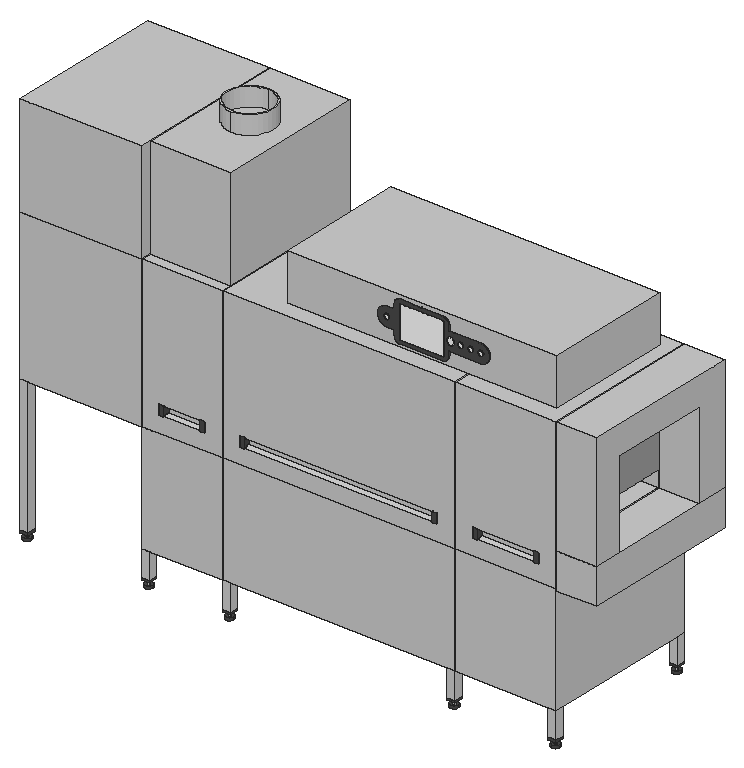
Revit family "QF_COMENDA_AC2EP5", category Attrezzature speciali, Revit 2017
Family settings
  Quota connettore circolare = Usa diametro
  Tipo di parte = Normale
  Basato su piano di lavoro = No
  Sempre verticale = Sì
  Taglio con vuoti quando caricato = No
  Condiviso = No
  Punto di calcolo locali = No
Parameters
  URL catalogo = "https://www.comenda.eu/site/assets/files/2458/ac2e.pdf"
  URL = "https://www.comenda.eu/"
  Tipo di raccordo elettrico = "Three-phase neutral"
  Tensione = 400 V
  Temperatura raccomandata per acqua fredda  = 12 °C
  Temperatura raccomandata per acqua calda  = 55 °C
  Temperatura dell'aria evacuata = 35 °C
  Protezione contro le sovracorrenti = 125 A
  Profondità = 790 mm
  Produttore = "Comenda"
  Pressione minima acqua calda = 2.0 bar
  Potenza in CV = "4603.7"
  Potenza elettrica = 33860 W
  Portata di evacuazione = 480.0 m³/h
  Phase = 3
  Pessione minima acqua fredda = 2.0 bar
  Peso netto = 320.00 kg
  Omniclass numero e denominazione = "23.40.40.14 Food Service Equipment"
  Numero dei poli = 3
  Modello = "AC2EP6N"
  Lunghezza = 2850 mm
  Frequenza = 50 Hz
  Flusso acqua fredda = 4.5 L/min
  Diametro raccordo acqua calda = 19.1 mm
  Diametro dello scarico diretto di acqua = 100 mm
  Diametro condotto di evacuazione = 230 mm
  Diametro condotta acqua fredda = 19.1 mm
  Descrizione = "600 mm PREWASH ZONE, 1150 mm WASH ZONE, 400 mm DOUBLE RINSE ZONE, 800 mm DRYING ZONE WITH INTEGRATED HEAT RECOVERY UNIT"
  Corrente di funzionamento normale = 56.2 A
  Codice assieme = "60BE03440"
  Altezza connessione scarico diretto = 170 mm
  Altezza connessione elettrica = 1615 mm
  Altezza connessione acqua fredda = 234 mm
  Altezza connessione acqua calda = 234 mm
  Altezza = 2040 mm
Reference planes
  plane 1 "Centro (Fronte/Retro)": y = 0
  plane 2: z = 0
  plane 3 "Centro (Sinistra/Destra)": x = 0
Lines and regions (mm)
  symbolic lines, style "QF_Clearance", detail levels coarse+medium
    curve 1: line (0, 100, 0) -> (-2850, 100, 0)
  symbolic lines, style "QF_Clearance", detail levels coarse
    curve 2: line (0, -1330, 0) -> (-2850, -1330, 0)
    curve 3: line (-1093.025, -265.203, 0) -> (-1253.025, -265.203, 0)
    curve 4: line (-1253.025, -265.203, 0) -> (-1253.025, -225.203, 0)
    curve 5: line (-1093.025, -345.203, 0) -> (-1253.025, -345.203, 0)
    curve 6: line (-1253.025, -345.203, 0) -> (-1253.025, -385.203, 0)
    curve 7: line (-1253.025, -225.203, 0) -> (-1348.365, -305.203, 0)
    curve 8: line (-1253.025, -385.203, 0) -> (-1348.365, -305.203, 0)
    curve 9: line (-1093.025, -265.203, 0) -> (-1093.025, -345.203, 0)
Dimensions and locks
  "Altezza connessione acqua calda": nested 2 to level
  "Altezza connessione acqua fredda": nested 2 to level
  "Altezza connessione elettrica": nested 4 to level
  "Profondità": nested 2 to nested 2
  "Lunghezza": nested 6 to nested 3
  "Altezza": nested 7 to nested 2
  aligned and locked: level to plane 2
  aligned and locked: plane 3 "Centro (Sinistra/Destra)" to nested 3
  aligned and locked: plane 1 "Centro (Fronte/Retro)" to nested 3
  aligned and locked: nested 1 to plane 1 "Centro (Fronte/Retro)"
  aligned and locked: nested 2 to plane 1 "Centro (Fronte/Retro)"
  aligned and locked: nested 2 to nested 1
  aligned and locked: plane 3 "Centro (Sinistra/Destra)" to curve 1
  aligned and locked: plane 3 "Centro (Sinistra/Destra)" to curve 2
  aligned and locked: plane 1 "Centro (Fronte/Retro)" to nested 5
  aligned and locked: nested 1 to nested 5
  aligned and locked: nested 5 to nested 3
  aligned and locked: curve 1 to curve 2
  aligned and locked: nested 6 to nested 2  (x2)
  aligned and locked: nested 6 to nested 7
  aligned and locked: nested 2 to nested 7
Automatic sketch dimensions
  plane 1 "Centro (Fronte/Retro)" to curve 9 = 345.203 mm
  curve 9 to plane 3 "Centro (Sinistra/Destra)" = 1093.025 mm
  curve 6 to curve 5 = 160 mm
  plane 1 "Centro (Fronte/Retro)" to curve 7 = 225.203 mm
  curve 7 to curve 5 = 0 mm
  plane 1 "Centro (Fronte/Retro)" to curve 8 = 305.203 mm
  curve 8 to curve 3 = 95.34 mm
  curve 6 to curve 5 = 40 mm
  curve 5 to curve 3 = 80 mm
  curve 2 to curve 7 = 1501.635 mm
  plane 1 "Centro (Fronte/Retro)" to curve 2 = 1330 mm
  curve 1 to plane 1 "Centro (Fronte/Retro)" = 100 mm
Nested families
  nested 1: "QF_60-EM0-0" at (-1275, 0, 0), type "QF_604EM000D"
  nested 2: "QF_60-EM0-0" at (-2050, 0, 0), type "QF_604EM040D"
  nested 3: "QF_602EA000" at (-200, 0, 0), type "602EA010"
  nested 4: "QF_110903" at (-932.08, -64.429, 0), type "QF_110903"
  nested 5: "QF_60-EM0-0" at (-450, 0, 0), type "QF_602EM010D"
    with RIGHT WATER CONNECTION no
  nested 6: "QF_602EM040" at (-2550, 0, 0), type "QF_602EA040D"
  nested 7: "QF_602EA030" at (-2250, 0, 0), type "QF_602EA030"
Connectors
  piping at (-1275, -540, 170), diameter 100, driven by "Diametro dello scarico diretto di acqua"
    settings: on nested 1, index 1, connector inside diameter 609.6 mm, connector length 0 mm, flow factor 0, pipe flow 0.0 L/min, pressure drop 0.0 bar, fitting loss kfactor 0, connector angle 0.00°, fixture units 0, engagement length 0 mm, angle of deflection 0.00°, flow configuration 0, flow direction 2, fitting loss method 0, system type 16, joint type 0, gender type 0, connector reference index -1, connector utility 1, adjustable connector no, is connector primary yes, connector description "QF_Drain point"
  piping at (-2255, -323, 234), diameter 19.1, driven by "Diametro raccordo acqua calda", driven by "Pessione minima acqua fredda"
    settings: on nested 2, index 3, connector inside diameter 609.6 mm, connector length 0 mm, flow factor 0, pipe flow 0.0 L/min, pressure drop 2.0 bar, fitting loss kfactor 0, connector angle 0.00°, fixture units 0, engagement length 0 mm, angle of deflection 0.00°, flow configuration 0, flow direction 1, fitting loss method 4, system type 19, joint type 0, gender type 0, connector reference index -1, connector utility 0, adjustable connector no, is connector primary no, connector description "QF_Hot water inlet"
  piping at (-2255, -453, 234), diameter 19.1, driven by "Flusso acqua fredda", driven by "Pessione minima acqua fredda", driven by "Diametro condotta acqua fredda"
    settings: on nested 2, index 4, connector inside diameter 609.6 mm, connector length 0 mm, flow factor 0, pipe flow 4.5 L/min, pressure drop 2.0 bar, fitting loss kfactor 0, connector angle 0.00°, fixture units 0, engagement length 0 mm, angle of deflection 0.00°, flow configuration 0, flow direction 1, fitting loss method 4, system type 20, joint type 0, gender type 0, connector reference index -1, connector utility 0, adjustable connector no, is connector primary no, connector description "QF_Cold water inlet"
  electrical at (-367.08, -62.429, 1630), driven by "Numero dei poli", driven by "Tensione"
    settings: on nested 4, index 6, voltage 400 V, apparent load 0 VA, apparent load phase1 0 VA, apparent load phase2 0 VA, apparent load phase3 0 VA, power factor 1, load classification "Altro", number of poles 3, system type 30, power factor state 1, is connector primary yes, connector utility no, sub classification motor no, connector description "QF_Electrical connection"
  piping at (-420, -475, 160), diameter 100, driven by "Diametro dello scarico diretto di acqua"
    settings: on nested 5, index 7, connector inside diameter 609.6 mm, connector length 0 mm, flow factor 0, pipe flow 0.0 L/min, pressure drop 0.0 bar, fitting loss kfactor 0, connector angle 0.00°, fixture units 0, engagement length 0 mm, angle of deflection 0.00°, flow configuration 0, flow direction 2, fitting loss method 0, system type 16, joint type 0, gender type 0, connector reference index -1, connector utility 1, adjustable connector no, is connector primary no, connector description "QF_Drain point"
  hvac at (-2050, -370, 2040), driven by "Diametro condotto di evacuazione", driven by "Portata di evacuazione"
    settings: on nested 7, index 8, duct flow 480.0 m³/h, flow factor 0, pres drop 0.0 Pa, loss coef 0, conn angle 0.00°, conn width 304.8 mm, conn height 304.8 mm, conn diameter 230 mm, duct sys type 3, conn prof type 0, flow config 0, flow direction 2, loss method 0, conn ref index -1, conn util no, is conn primary yes, conn desc "QF_Exhaust air"
Definition of nested family "QF_60-EM0-0"
  Parameters (values of type "QF_604EM040D")
    RIGHT WATER CONNECTION = no
    RIGHT FEET = no
    LOADING HEIGHT = 880 mm
    LENGTH = 400 mm
    LEFT WATER CONNECTION = yes
    LEFT FEET = yes
    INTERFACE = no
    ELECTRICAL CONNECTION = no
    DRAIN POINT FROM THE SIDE = 200 mm
    DRAIN POINT FROM BEHIND = 475 mm
    DRAIN POINT = no
    CENTRALIZED DRAIN POINT ON THE RIGHT = no
    CENTRALIZED DRAIN POINT ON THE LEFT = no
  Types (18, lengths in mm): name | RIGHT WATER CONNECTION | RIGHT FEET | LENGTH | LEFT WATER CONNECTION | LEFT FEET | INTERFACE | ELECTRICAL CONNECTION | DRAIN POINT FROM THE SIDE | DRAIN POINT FROM BEHIND | DRAIN POINT
    QF_601EM020D | no | no | 900 | yes | yes | no | no | 450 | 475 | no
    QF_601EM020S | yes | yes | 900 | no | no | no | no | 450 | 475 | no
    QF_604EM030D | no | yes | 900 | no | no | no | no | 450 | 475 | yes
    QF_604EM030S | no | no | 900 | no | yes | no | no | 450 | 475 | yes
    QF_602EM000D | yes | yes | 1150 | no | yes | yes | yes | 575 | 540 | yes
    QF_602EM000S | yes | yes | 1150 | no | yes | yes | yes | 575 | 540 | yes
    QF_604EM000S | no | yes | 1150 | no | yes | no | no | 575 | 540 | yes
    QF_604EM000D | no | yes | 1150 | no | yes | no | no | 575 | 540 | yes
    QF_602EM010D | yes | yes | 500 | no | no | no | no | 280 | 475 | yes
    QF_602EM010S | no | no | 500 | no | yes | no | no | 280 | 475 | yes
    QF_604EM010D | no | yes | 600 | no | no | no | no | 300 | 475 | yes
    QF_604EM010S | no | no | 600 | no | yes | no | no | 300 | 475 | yes
    QF_604EM040D | no | no | 400 | yes | yes | no | no | 200 | 475 | no
    QF_604EM040S | yes | yes | 400 | no | no | no | no | 200 | 475 | no
    QF_601EM060D | no | no | 400 | no | yes | no | no | 200 | 475 | no
    QF_601EM060S | no | yes | 400 | no | no | no | no | 200 | 475 | no
    QF_601EM070D | no | no | 600 | no | yes | no | no | 300 | 475 | no
    QF_601EM070S | no | yes | 600 | no | no | no | no | 300 | 475 | no
  Reference planes
    plane 1 "Centro (Fronte/Retro)": y = 0
    plane 2: z = 0
    plane 3 "Centro (Sinistra/Destra)": x = 0
  Forms (mm)
    Extrusion 1, solid
      sketch origin (0, 0, 0) x (1, 0, 0) y (0, 1, 0)
        loop
          line (-200, 0) -> (-200, -790) -> (200, -790) -> (200, 0) -> (-200, 0)
      from 170 to 710
    Extrusion 2, solid, visible <- "LEFT FEET"
      sketch origin (0, 0, 0) x (1, 0, 0) y (0, 1, 0)
        loop
          line (-200, 0) -> (-200, -40) -> (-160, -40) -> (-160, 0) -> (-200, 0)
        loop
          line (-200, -790) -> (-160, -790) -> (-160, -750) -> (-200, -750) -> (-200, -790)
      from 40 to 170
    Extrusion 3, solid, visible <- "RIGHT FEET"
      sketch origin (0, 0, 0) x (1, 0, 0) y (0, 1, 0)
        loop
          line (200, 0) -> (160, 0) -> (160, -40) -> (200, -40) -> (200, 0)
        loop
          line (200, -790) -> (200, -750) -> (160, -750) -> (160, -790) -> (200, -790)
      from 40 to 170
    Extrusion 4, solid, visible <- "LEFT FEET", detail levels fine
      sketch origin (0, 0, 40) x (0, 1, 0) y (1, 0, 0)
        loop
          line (-790, -200) -> (-750, -200) -> (-750, -160) -> (-790, -160) -> (-790, -200)
        loop
          line (-40, -200) -> (0, -200) -> (0, -160) -> (-40, -160) -> (-40, -200)
      from 0 to 10
    Extrusion 5, solid, visible <- "RIGHT FEET", detail levels fine
      sketch origin (0, 0, 40) x (0, 1, 0) y (1, 0, 0)
        loop
          line (-790, 200) -> (-790, 160) -> (-750, 160) -> (-750, 200) -> (-790, 200)
        loop
          line (-40, 200) -> (-40, 160) -> (0, 160) -> (0, 200) -> (-40, 200)
      from 0 to 10
    Extrusion 6, solid, visible <- "LEFT FEET"
      sketch origin (0, 0, 0) x (1, 0, 0) y (0, 1, 0)
        loop
          circle (-180, -20) r 20
        loop
          circle (-180, -770) r 20
      from 0 to 10
    Extrusion 7, solid, visible <- "RIGHT FEET"
      sketch origin (0, 0, 0) x (1, 0, 0) y (0, 1, 0)
        loop
          circle (180, -20) r 20
        loop
          circle (180, -770) r 20
      from 0 to 10
    Extrusion 8, solid, visible <- "RIGHT FEET"
      sketch origin (0, 0, 0) x (1, 0, 0) y (0, 1, 0)
        loop
          circle (180, -770) r 5
        loop
          circle (180, -20) r 5
      from 0 to 30
    Extrusion 9, solid, visible <- "LEFT FEET"
      sketch origin (0, 0, 0) x (1, 0, 0) y (0, 1, 0)
        loop
          circle (-180, -20) r 5
        loop
          circle (-180, -770) r 5
      from 0 to 30
    Extrusion 10, solid
      sketch origin (0, 0, 0) x (0, 1, 0) y (0, 0, 1)
        loop
          line (0, 710) -> (0, 1450) -> (-790, 1450) -> (-790, 710) -> (0, 710)
        loop
          line (-655, 1310) -> (-655, 880) -> (-155, 880) -> (-155, 1310) -> (-655, 1310)
      from -200 to 200
    Extrusion 11, solid, visible <- "DRAIN POINT", detail levels coarse
      sketch origin (0, 0, 170) x (0, 1, 0) y (1, 0, 0)
        loop
          circle (-475, 0) r 50
      from 0 to 10
    Blend 12, void, detail levels fine
      base sketch origin (0, -790, 710) x (0, 0, -1) y (-1, 0, 0)
        loop
          line (-130, 112) -> (-130, -112) -> (-80, -112) -> (-80, 112) -> (-130, 112)
      top sketch origin (0, -790, 710) x (0, 0, -1) y (-1, 0, 0)
        loop
          line (-120, 102) -> (-120, -102) -> (-90, -102) -> (-90, 102) -> (-120, 102)
      from 0 to 25
    Blend 13, solid, detail levels fine
      base sketch origin (0, -790, 710) x (0, 0, 1) y (-1, 0, 0)
        loop
          line (80, 112) -> (80, 92)
          arc (80, 92) -> (81.464, 88.464) -> (85, 87) r 5
          line (85, 87) -> (125, 87)
          arc (125, 87) -> (128.536, 88.464) -> (130, 92) r 5
          line (130, 92) -> (130, 112) -> (80, 112)
      top sketch origin (0, -790, 710) x (0, 0, 1) y (-1, 0, 0)
        loop
          line (120, 102) -> (90, 102) -> (90, 87) -> (120, 87) -> (120, 102)
      from 0 to -25
    Blend 14, solid, detail levels fine
      base sketch origin (0, -790, 710) x (0, 0, 1) y (-1, 0, 0)
        loop
          line (80, -112) -> (130, -112) -> (130, -92)
          arc (130, -92) -> (128.536, -88.464) -> (125, -87) r 5
          line (125, -87) -> (85, -87)
          arc (85, -87) -> (81.464, -88.464) -> (80, -92) r 5
          line (80, -92) -> (80, -112)
      top sketch origin (0, -790, 710) x (0, 0, 1) y (-1, 0, 0)
        loop
          line (90, -102) -> (120, -102) -> (120, -87) -> (90, -87) -> (90, -102)
      from 0 to -25
    Extrusion 15, solid, detail levels fine
      sketch origin (200, 0, 0) x (0, 1, 0) y (0, 0, 1)
        loop
          line (-655, 1310) -> (-655, 960) -> (-607, 960) -> (-607, 1210) -> (-603, 1210) -> (-603, 960) -> (-557, 960) -> (-557, 1210) -> (-553, 1210) -> (-553, 960) -> (-507, 960) -> (-507, 1210) -> (-503, 1210) -> (-503, 960) -> (-457, 960) -> (-457, 1210) -> (-453, 1210) -> (-453, 960) -> (-407, 960) -> (-407, 1210) -> (-403, 1210) -> (-403, 960) -> (-357, 960) -> (-357, 1210) -> (-353, 1210) -> (-353, 960) -> (-307, 960) -> (-307, 1210) -> (-303, 1210) -> (-303, 960) -> (-257, 960) -> (-257, 1210) -> (-253, 1210) -> (-253, 960) -> (-207, 960) -> (-207, 1210) -> (-203, 1210) -> (-203, 960) -> (-155, 960) -> (-155, 1310) -> (-655, 1310)
      from 0 to -10
    Extrusion 16, solid, detail levels fine
      sketch origin (-200, 0, 0) x (0, -1, 0) y (0, 0, 1)
        loop
          line (155, 1310) -> (155, 960) -> (203, 960) -> (203, 1210) -> (207, 1210) -> (207, 960) -> (253, 960) -> (253, 1210) -> (257, 1210) -> (257, 960) -> (303, 960) -> (303, 1210) -> (307, 1210) -> (307, 960) -> (353, 960) -> (353, 1210) -> (357, 1210) -> (357, 960) -> (403, 960) -> (403, 1210) -> (407, 1210) -> (407, 960) -> (453, 960) -> (453, 1210) -> (457, 1210) -> (457, 960) -> (503, 960) -> (503, 1210) -> (507, 1210) -> (507, 960) -> (553, 960) -> (553, 1210) -> (557, 1210) -> (557, 960) -> (603, 960) -> (603, 1210) -> (607, 1210) -> (607, 960) -> (655, 960) -> (655, 1310) -> (155, 1310)
      from 0 to -10
    Extrusion 17, solid, visible <- "INTERFACE", detail levels fine
      sketch origin (200, -790, 0) x (-1, 0, 0) y (0, 0, -1)
        loop
          arc (280, -619.644) -> (294.142, -613.786) -> (300, -599.644) r 20
          line (300, -599.644) -> (300, -490)
          arc (300, -490) -> (294.142, -475.858) -> (280, -470) r 20
          line (280, -470) -> (70, -470)
          arc (70, -470) -> (55.858, -475.858) -> (50, -490) r 20
          line (50, -490) -> (50, -599.644)
          arc (50, -599.644) -> (55.858, -613.786) -> (70, -619.644) r 20
          line (70, -619.644) -> (280, -619.644)
        loop
          arc (280, -609.644) -> (287.071, -606.715) -> (290, -599.644) r 10
          line (290, -599.644) -> (290, -490)
          arc (290, -490) -> (287.071, -482.929) -> (280, -480) r 10
          line (280, -480) -> (70, -480)
          arc (70, -480) -> (62.929, -482.929) -> (60, -490) r 10
          line (60, -490) -> (60, -599.644)
          arc (60, -599.644) -> (62.929, -606.715) -> (70, -609.644) r 10
          line (70, -609.644) -> (280, -609.644)
      from 0 to 2
    Extrusion 18, solid, visible <- "INTERFACE", detail levels fine
      sketch origin (200, -790, 0) x (-1, 0, 0) y (0, 0, -1)
        loop
          arc (280, -609.644) -> (287.071, -606.715) -> (290, -599.644) r 10
          line (290, -599.644) -> (290, -490)
          arc (290, -490) -> (287.071, -482.929) -> (280, -480) r 10
          line (280, -480) -> (70, -480)
          arc (70, -480) -> (62.929, -482.929) -> (60, -490) r 10
          line (60, -490) -> (60, -599.644)
          arc (60, -599.644) -> (62.929, -606.715) -> (70, -609.644) r 10
          line (70, -609.644) -> (280, -609.644)
      from 0 to 2
    Extrusion 19, solid, visible <- "RIGHT WATER CONNECTION"
      sketch origin (200, 0, 0) x (0, -1, 0) y (0, 0, -1)
        loop
          circle (323, -234) r 9.55
        loop
          circle (453, -234) r 9.55
      from 0 to 5
    Extrusion 20, solid, visible <- "LEFT WATER CONNECTION"
      sketch origin (-200, -790, 0) x (0, 1, 0) y (0, 0, -1)
        loop
          circle (467, -234) r 9.55
        loop
          circle (337, -234) r 9.55
      from 0 to 5
    Extrusion 21, solid, visible <- "CENTRALIZED DRAIN POINT ON THE LEFT", detail levels coarse
      sketch origin (0, 0, 170) x (0, 1, 0) y (1, 0, 0)
        loop
          circle (-190, -150) r 50
      from 0 to 25
    Extrusion 22, solid, visible <- "CENTRALIZED DRAIN POINT ON THE RIGHT", detail levels coarse
      sketch origin (0, 0, 170) x (0, 1, 0) y (1, 0, 0)
        loop
          circle (-190, 150) r 50
      from 0 to 25
    Extrusion 23, solid, visible <- "ELECTRICAL CONNECTION", detail levels coarse
      sketch origin (0, 0, 170) x (0, 1, 0) y (1, 0, 0)
        loop
          circle (-715, -50) r 20
      from 0 to 25
    Extrusion 24, solid, detail levels coarse
      sketch origin (0, -790, 1450) x (0, 1, 0) y (-1, 0, 0)
        loop
          line (0, 200) -> (0, -200) -> (55, -200) -> (55, 200) -> (0, 200)
      from 0 to 550
  Cuts and joins
    Blend 12 cuts Extrusion 10
  Dimensions and locks
    equal spacing: Extrusion 1 sketch curve, plane 3 "Centro (Sinistra/Destra)", Extrusion 1 sketch curve
    "LENGTH": Extrusion 1 sketch curve to Extrusion 1 sketch curve
    locked: Extrusion 1 sketch curve to plane 1 "Centro (Fronte/Retro)" at 790
    locked: Extrusion 1 to Extrusion 1 at 540
    locked: Extrusion 1 to Extrusion 2 sketch curve at 40  (x3)
    locked: Extrusion 2 to level at 40
    locked: Extrusion 3 sketch curve to plane 1 "Centro (Fronte/Retro)" at 40
    locked: Extrusion 3 sketch curve to Extrusion 1 at 40
    locked: Extrusion 1 to Extrusion 3 sketch curve at 40
    locked: Extrusion 1 to Extrusion 6 sketch curve at 20  (x4)
    locked: Extrusion 7 sketch curve to Extrusion 1 at 20  (x2)
    locked: Extrusion 1 to Extrusion 7 sketch curve at 20  (x2)
    locked: Extrusion 8 sketch curve to Extrusion 1 at 20  (x2)
    locked: Extrusion 1 to Extrusion 8 sketch curve at 20  (x2)
    locked: Extrusion 9 sketch curve to Extrusion 2 at 20  (x2)
    locked: Extrusion 2 to Extrusion 9 sketch curve at 20  (x2)
    locked: Extrusion 10 sketch curve to Extrusion 1 at 740
    locked: Extrusion 10 sketch curve to Extrusion 10 sketch curve at 140
    locked: Extrusion 10 sketch curve to Extrusion 10 sketch curve at 155
    locked: Extrusion 10 sketch curve to Extrusion 10 sketch curve at 500
    locked: Extrusion 10 sketch curve to Extrusion 10 sketch curve at 430
    "LOADING HEIGHT": Extrusion 10 to level
    "DRAIN POINT FROM THE SIDE": Extrusion 11 sketch curve to Extrusion 1
    "DRAIN POINT FROM BEHIND": Extrusion 1 to Extrusion 11 sketch curve
    locked: Extrusion 10 to Blend 12 sketch curve at 88  (x2)
    locked: Extrusion 10 to Blend 12 sketch curve at 80
    locked: Blend 12 sketch curve to Blend 12 sketch curve at 50
    locked: Blend 13 sketch curve to Blend 13 sketch curve at 25
    locked: Blend 14 sketch curve to Blend 14 sketch curve at 25
    locked: Extrusion 15 sketch curve to cut or joined group of Extrusion 10, Blend 12 at 80  (x2)
    locked: Extrusion 15 sketch curve to cut or joined group of Extrusion 10, Blend 12 at 100
    locked: Extrusion 1 to Extrusion 17 sketch curve at 100
    locked: Extrusion 17 sketch curve to Extrusion 17 sketch curve at 250
    locked: Extrusion 17 sketch curve to Extrusion 1 at 300
    locked: Extrusion 17 sketch curve to Extrusion 17 sketch curve at 149.644
    locked: Extrusion 17 sketch curve to Extrusion 17 sketch curve at 10  (x4)
    locked: Extrusion 1 to Extrusion 19 sketch curve at 64  (x2)
    locked: Extrusion 19 sketch curve to Extrusion 1 at 323
    locked: Extrusion 19 sketch curve to Extrusion 1 at 453
    locked: Extrusion 1 to Extrusion 20 sketch curve at 64  (x2)
    locked: Extrusion 1 to Extrusion 20 sketch curve at 323
    locked: Extrusion 1 to Extrusion 20 sketch curve at 453
    locked: Extrusion 1 to Extrusion 21 sketch curve at 190
    locked: Extrusion 21 sketch curve to Extrusion 1 at 50
    locked: Extrusion 1 to Extrusion 22 sketch curve at 190
    locked: Extrusion 1 to Extrusion 22 sketch curve at 50
    locked: Extrusion 1 to Extrusion 23 sketch curve at 250
    locked: Extrusion 1 to Extrusion 23 sketch curve at 75
    locked: Extrusion 1 to Extrusion 24 sketch curve at 55
    aligned and locked: level to plane 2
    aligned and locked: plane 1 "Centro (Fronte/Retro)" to Extrusion 1 sketch curve
    aligned and locked: Extrusion 1 to Extrusion 2 sketch curve
    aligned and locked: Extrusion 2 sketch curve to Extrusion 2 sketch curve
    aligned and locked: Extrusion 2 sketch curve to Extrusion 1
    aligned and locked: Extrusion 2 to Extrusion 1
    aligned and locked: Extrusion 3 sketch curve to Extrusion 1  (x3)
    aligned and locked: Extrusion 1 to Extrusion 3 sketch curve
    aligned and locked: Extrusion 3 sketch curve to Extrusion 3 sketch curve
    aligned and locked: Extrusion 3 to Extrusion 1
    aligned and locked: Extrusion 2 to Extrusion 3
    aligned and locked: Extrusion 4 sketch curve to Extrusion 2  (x8)
    aligned and locked: Extrusion 5 sketch curve to Extrusion 3  (x8)
    aligned and locked: Extrusion 8 to Extrusion 5
    aligned and locked: Extrusion 8 to level
    aligned and locked: Extrusion 7 to level
    aligned and locked: Extrusion 9 to Extrusion 4
    aligned and locked: Extrusion 9 to level
    aligned and locked: Extrusion 10 sketch curve to Extrusion 1  (x3)
    aligned and locked: Extrusion 1 to Extrusion 10
    aligned and locked: Extrusion 10 to Extrusion 1
    aligned and locked: Blend 13 sketch curve to cut or joined group of Extrusion 10, Blend 12  (x5)
    aligned and locked: cut or joined group of Extrusion 10, Blend 12 to Blend 13 sketch curve
    aligned and locked: var sketch to Blend 13 sketch curve
    aligned and locked: Blend 13 to cut or joined group of Extrusion 10, Blend 12
    aligned and locked: Blend 13 to Extrusion 1
    aligned and locked: Blend 14 sketch curve to cut or joined group of Extrusion 10, Blend 12  (x6)
    aligned and locked: Blend 14 sketch curve to var sketch
    aligned and locked: Blend 14 to cut or joined group of Extrusion 10, Blend 12
    aligned and locked: Extrusion 15 sketch curve to cut or joined group of Extrusion 10, Blend 12  (x3)
    aligned and locked: Extrusion 15 sketch curve to Extrusion 15 sketch curve  (x17)
    aligned and locked: Extrusion 15 to Extrusion 1
    aligned and locked: Extrusion 16 sketch curve to cut or joined group of Extrusion 10, Blend 12
    aligned and locked: Extrusion 16 sketch curve to Extrusion 15  (x39)
    aligned and locked: cut or joined group of Extrusion 10, Blend 12 to Extrusion 16
    aligned and locked: Extrusion 18 sketch curve to Extrusion 17  (x4)
    aligned and locked: Extrusion 24 sketch curve to Extrusion 1  (x3)
  Automatic sketch dimensions
    Extrusion 2 sketch curve to Extrusion 2 sketch curve = 40 mm  (x2)
    Blend 12 sketch curve to Blend 12 sketch curve = 30 mm
    Blend 12 sketch curve to Extrusion 10 = 98 mm  (x2)
    Blend 12 sketch curve to Extrusion 10 = 120 mm
    Blend 13 sketch curve to Blend 13 sketch curve = 0 mm  (x2)
    Blend 13 sketch curve to Blend 13 sketch curve = 5 mm  (x2)
    Blend 14 sketch curve to Blend 14 sketch curve = 0 mm  (x2)
    Blend 14 sketch curve to Blend 14 sketch curve = 5 mm  (x2)
    Extrusion 10 to Extrusion 15 sketch curve = 48 mm
    Extrusion 15 sketch curve to Extrusion 15 sketch curve = 4 mm  (x9)
    Extrusion 15 sketch curve to Extrusion 15 sketch curve = 46 mm  (x8)
    Extrusion 17 sketch curve to Extrusion 17 sketch curve = 0 mm  (x10)
    Extrusion 17 sketch curve to Extrusion 17 sketch curve = 20 mm
    Extrusion 18 sketch curve to Extrusion 18 sketch curve = 10 mm  (x3)
    Extrusion 18 sketch curve to Extrusion 18 sketch curve = 0 mm
    radius of Extrusion 6 sketch curve = 20 mm  (x2)
    radius of Extrusion 7 sketch curve = 20 mm  (x2)
    radius of Extrusion 8 sketch curve = 5 mm  (x2)
    radius of Extrusion 9 sketch curve = 5 mm  (x2)
    radius of Extrusion 19 sketch curve = 9.55 mm  (x2)
    radius of Extrusion 20 sketch curve = 9.55 mm  (x2)
    radius of Extrusion 21 sketch curve = 50 mm
    radius of Extrusion 22 sketch curve = 50 mm
    radius of Extrusion 23 sketch curve = 20 mm
    radius of Extrusion 11 sketch curve = 50 mm
Definition of nested family "QF_602EA000"
  Parameters (values of type "602EA000")
    LOADING HEIGHT = 880 mm
    LENGTH = 200 mm
    INTERFACE = no
    602EA120L = no
    602EA024S = no
    602EA024D = no
    602EA010 = no
    602EA000 = yes
  Types (3, lengths in mm): name | INTERFACE | 602EA010 | 602EA000
    602EA010 | no | yes | no
    602EA000 | no | no | yes
    604EA000 | yes | no | no
  Reference planes
    plane 1 "Centro (Fronte/Retro)": y = 0
    plane 2: z = 0
    plane 3 "Centro (Sinistra/Destra)": x = 0
  Forms (mm)
    Extrusion 1, solid
      sketch origin (0, 0, 0) x (0, 1, 0) y (0, 0, 1)
        loop
          line (0, 880) -> (0, 1450) -> (-790, 1450) -> (-790, 880) -> (-655, 880) -> (-655, 1310) -> (-155, 1310) -> (-155, 880) -> (0, 880)
      from 0 to 200
    Extrusion 2, solid
      sketch origin (0, 0, 0) x (0, 1, 0) y (0, 0, 1)
        loop
          line (-790, 880) -> (-790, 704) -> (0, 704) -> (0, 880) -> (-790, 880)
      from 0 to 200
    Extrusion 3, solid, visible <- "602EA000"
      sketch origin (0, 0, 0) x (0, 1, 0) y (0, 0, 1)
        loop
          line (0, 1450) -> (-790, 1450) -> (-790, 970) -> (-655, 925) -> (-655, 1310) -> (-155, 1310) -> (-155, 925) -> (0, 970) -> (0, 1450)
      from 0 to 200
    Extrusion 4, solid, visible <- "602EA120L"
      sketch origin (0, 0, 1450) x (0, -1, 0) y (1, 0, 0)
        loop
          circle (395, 100) r 90
        loop
          circle (395, 100) r 88
      from 0 to 90
    Extrusion 5, solid, visible <- "INTERFACE", detail levels fine
      sketch origin (0, -790, 1350) x (0, 0, -1) y (1, 0, 0)
        loop
          line (-50, 25) -> (150, 25) -> (150, 175) -> (-50, 175) -> (-50, 102)
          arc (-50, 102) -> (-48, 100) -> (-50, 98) r 2
          line (-50, 98) -> (-50, 25)
        loop
          line (-30, 45) -> (130, 45) -> (130, 155) -> (-30, 155) -> (-30, 45)
      from 0 to 2
    Extrusion 6, solid, visible <- "INTERFACE", detail levels fine
      sketch origin (0, -790, 1350) x (0, 0, -1) y (1, 0, 0)
        loop
          line (-30, 45) -> (130, 45) -> (130, 155) -> (-30, 155) -> (-30, 45)
      from 0 to 2
    Extrusion 7, solid, visible <- "602EA024D"
      sketch origin (0, -790, 1350) x (0, 0, -1) y (1, 0, 0)
        loop
          line (-100, 200) -> (-20, 200) -> (-70, 400) -> (-100, 400) -> (-100, 200)
      from 0 to -790
    Extrusion 8, solid, visible <- "602EA024S"
      sketch origin (0, -790, 1350) x (0, 0, -1) y (1, 0, 0)
        loop
          line (-100, 0) -> (-100, -200) -> (-70, -200) -> (-20, 0) -> (-100, 0)
      from 0 to -790
  Dimensions and locks
    "LOADING HEIGHT": Extrusion 1 sketch curve to level
    Extrusion 1 sketch curve to Extrusion 1 sketch curve = 135 mm
    locked: Extrusion 1 sketch curve to Extrusion 1 sketch curve at 430
    locked: Extrusion 1 sketch curve to Extrusion 1 sketch curve at 140
    locked: Extrusion 1 sketch curve to Extrusion 1 sketch curve at 790
    locked: Extrusion 1 sketch curve to Extrusion 1 sketch curve at 155
    "LENGTH": Extrusion 1 to plane 3 "Centro (Sinistra/Destra)"
    locked: Extrusion 2 sketch curve to Extrusion 2 sketch curve at 176
    locked: Extrusion 1 to Extrusion 3 sketch curve at 525  (x2)
    locked: Extrusion 1 to Extrusion 3 sketch curve at 480  (x2)
    equal spacing: Extrusion 3, Extrusion 4 sketch curve, Extrusion 3  (x2)
    locked: Extrusion 3 to Extrusion 5 sketch curve at 50
    Extrusion 5 sketch curve to Extrusion 5 sketch curve = 200 mm
    locked: Extrusion 5 sketch curve to Extrusion 5 sketch curve at 20  (x4)
    locked: Extrusion 5 sketch curve to Extrusion 5 sketch curve at 75
    locked: Extrusion 5 sketch curve to Extrusion 5 sketch curve at 150
    equal spacing: Extrusion 3, Extrusion 5 sketch curve, Extrusion 3
    locked: Extrusion 7 sketch curve to Extrusion 3 at 200
    locked: Extrusion 7 sketch curve to Extrusion 7 sketch curve at 30
    locked: Extrusion 7 sketch curve to Extrusion 7 sketch curve at 80
    locked: Extrusion 8 sketch curve to Extrusion 8 sketch curve at 30
    locked: Extrusion 8 sketch curve to Extrusion 3 at 200
    locked: Extrusion 8 sketch curve to Extrusion 8 sketch curve at 80
    aligned and locked: level to plane 2
    aligned and locked: Extrusion 1 sketch curve to Extrusion 1 sketch curve
    aligned and locked: Extrusion 2 sketch curve to Extrusion 1  (x2)
    aligned and locked: plane 1 "Centro (Fronte/Retro)" to Extrusion 2 sketch curve
    aligned and locked: Extrusion 2 to Extrusion 1
    aligned and locked: Extrusion 2 to plane 3 "Centro (Sinistra/Destra)"
    aligned and locked: Extrusion 3 sketch curve to Extrusion 1  (x4)
    aligned and locked: Extrusion 1 to Extrusion 3 sketch curve
    aligned and locked: Extrusion 3 to Extrusion 1
    aligned and locked: Extrusion 1 to Extrusion 3
    aligned and locked: Extrusion 6 sketch curve to Extrusion 5  (x4)
    aligned and locked: Extrusion 7 sketch curve to Extrusion 3  (x2)
    aligned and locked: Extrusion 1 to Extrusion 7
    aligned and locked: Extrusion 8 sketch curve to Extrusion 3
    aligned and locked: Extrusion 3 to Extrusion 8 sketch curve
    aligned and locked: Extrusion 1 to Extrusion 8  (x2)
  Automatic sketch dimensions
    Extrusion 3 sketch curve to Extrusion 3 sketch curve = 135 mm
    Extrusion 4 sketch curve to Extrusion 4 sketch curve = 0 mm  (x2)
    Extrusion 5 sketch curve to Extrusion 5 sketch curve = 2 mm
    Extrusion 1 sketch curve to plane 1 "Centro (Fronte/Retro)" = 0 mm
    radius of Extrusion 4 sketch curve = 90 mm
    radius of Extrusion 4 sketch curve = 88 mm
Definition of nested family "QF_110903"
  Parameters (values of type "QF_110903")
    LENGTH = 1330 mm
    INTERFACE = yes
    HEIGHT FROM THE FLOOR = 1450 mm
    ELECTRICAL CONNECTION = yes
  Types (2, lengths in mm): name | HEIGHT FROM THE FLOOR
    QF_110903 | 1450
    QF_110903A | 1575
  Reference planes
    plane 1 "Centro (Fronte/Retro)": y = 0
    plane 2: z = 0
    plane 3 "Centro (Sinistra/Destra)": x = 0
  Forms (mm)
    Extrusion 1, solid
      sketch origin (0, 0, 0) x (0, 1, 0) y (0, 0, 1)
        loop
          line (0, 1680) -> (-640, 1680) -> (-640, 1450) -> (0, 1450) -> (0, 1680)
      from -665 to 665
    Extrusion 2, solid
      sketch origin (0, 0, 1450) x (0, 0, 1) y (1, 0, 0)
        loop
          circle (180, 565) r 15
      from 0 to 2
    Extrusion 3, solid
      sketch origin (0, -640, 1680) x (0, 0, -1) y (1, 0, 0)
        loop
          line (72.25, -135.25) -> (72.25, -172.5)
          arc (72.25, -172.5) -> (117.25, -217.5) -> (162.25, -172.5) r 45
          line (162.25, -172.5) -> (162.25, -135.25) -> (186.5, -135.25)
          arc (186.5, -135.25) -> (207.713, -126.463) -> (216.5, -105.25) r 30
          line (216.5, -105.25) -> (216.5, 105.25)
          arc (216.5, 105.25) -> (207.713, 126.463) -> (186.5, 135.25) r 30
          line (186.5, 135.25) -> (162.25, 135.25) -> (162.25, 292.5)
          arc (162.25, 292.5) -> (117.25, 337.5) -> (72.25, 292.5) r 45
          line (72.25, 292.5) -> (72.25, 135.25) -> (48, 135.25)
          arc (48, 135.25) -> (26.787, 126.463) -> (18, 105.25) r 30
          line (18, 105.25) -> (18, 2)
          arc (18, 2) -> (20, 0) -> (18, -2) r 2
          line (18, -2) -> (18, -105.25)
          arc (18, -105.25) -> (26.787, -126.463) -> (48, -135.25) r 30
          line (48, -135.25) -> (72.25, -135.25)
        loop
          circle (117.25, 292.5) r 12.6
        loop
          circle (117.25, 242.5) r 12.6
        loop
          circle (117.25, 192.5) r 12.6
        loop
          circle (117.25, 142.5) r 17.5
        loop
          line (37.75, -107.5) -> (196.75, -107.5) -> (196.75, 107.5) -> (37.75, 107.5) -> (37.75, -107.5)
        loop
          circle (117.25, -172.5) r 12.6
      from 0 to 2
    Extrusion 4, solid
      sketch origin (0, -640, 1680) x (0, 0, -1) y (1, 0, 0)
        loop
          circle (117.25, -172.5) r 12.6
        loop
          circle (117.25, 142.5) r 17.5
        loop
          circle (117.25, 192.5) r 12.6
        loop
          circle (117.25, 242.5) r 12.6
        loop
          circle (117.25, 292.5) r 12.6
      from 0 to 2
    Extrusion 5, solid
      sketch origin (0, -640, 1680) x (0, 0, -1) y (1, 0, 0)
        loop
          line (37.75, -107.5) -> (196.75, -107.5) -> (196.75, 107.5) -> (37.75, 107.5) -> (37.75, -107.5)
      from 0 to 2
  Dimensions and locks
    locked: Extrusion 1 sketch curve to Extrusion 1 sketch curve at 230
    locked: Extrusion 1 sketch curve to plane 1 "Centro (Fronte/Retro)" at 640
    "HEIGHT FROM THE FLOOR": level to Extrusion 1 sketch curve
    equal spacing: Extrusion 1, plane 3 "Centro (Sinistra/Destra)", Extrusion 1
    "LENGTH": Extrusion 1 to Extrusion 1
    locked: Extrusion 1 to Extrusion 2 sketch curve at 100
    locked: Extrusion 2 sketch curve to Extrusion 1 at 50
    locked: Extrusion 1 to Extrusion 3 sketch curve at 18
    locked: Extrusion 3 sketch curve to Extrusion 3 sketch curve at 198.5
    locked: Extrusion 3 sketch curve to Extrusion 3 sketch curve at 215
    locked: Extrusion 3 sketch curve to Extrusion 3 sketch curve at 27.75  (x2)
    locked: Extrusion 3 sketch curve to Extrusion 3 sketch curve at 90  (x2)
    locked: Extrusion 3 sketch curve to Extrusion 3 sketch curve at 54.25  (x2)
    locked: Extrusion 3 sketch curve to Extrusion 3 sketch curve at 270.5
    locked: Extrusion 3 sketch curve to Extrusion 3 sketch curve at 65
    locked: Extrusion 3 sketch curve to Extrusion 3 sketch curve at 35
    locked: Extrusion 3 sketch curve to Extrusion 3 sketch curve at 85
    locked: Extrusion 3 sketch curve to Extrusion 3 sketch curve at 135
    locked: Extrusion 3 sketch curve to Extrusion 3 sketch curve at 185
    locked: Extrusion 3 sketch curve to Extrusion 3 sketch curve at 99.25  (x5)
    equal spacing: Extrusion 1, Extrusion 3 sketch curve, Extrusion 1
    aligned and locked: level to plane 2
    aligned and locked: Extrusion 4 sketch curve to Extrusion 3  (x10)
    aligned and locked: Extrusion 5 sketch curve to Extrusion 3  (x4)
  Automatic sketch dimensions
    Extrusion 3 sketch curve to Extrusion 3 sketch curve = 37.25 mm
    Extrusion 3 sketch curve to Extrusion 3 sketch curve = 24.25 mm
    Extrusion 3 sketch curve to Extrusion 3 sketch curve = 103.25 mm
    Extrusion 3 sketch curve to Extrusion 3 sketch curve = 4 mm
    Extrusion 3 sketch curve to Extrusion 3 sketch curve = 10.25 mm  (x3)
    Extrusion 3 sketch curve to Extrusion 3 sketch curve = 2.25 mm  (x2)
    Extrusion 3 sketch curve to Extrusion 3 sketch curve = 0 mm  (x2)
    Extrusion 1 sketch curve to plane 1 "Centro (Fronte/Retro)" = 0 mm
    radius of Extrusion 2 sketch curve = 15 mm
    radius of Extrusion 3 sketch curve = 12.6 mm  (x4)
    radius of Extrusion 3 sketch curve = 17.5 mm
Definition of nested family "QF_602EM040"
  Parameters (values of type "QF_604EA134D")
    RIGHT FEET = no
    LOADING HEIGHT = 880 mm
    LENGTH = 800 mm
    LEFT FEET = yes
    604EA133S = no
    604EA133D = no
  Types (6, lengths in mm): name | RIGHT FEET | LENGTH | LEFT FEET | 604EA133S | 604EA133D
    QF_602EA040D | no | 600 | yes | no | no
    QF_602EA040S | yes | 600 | no | no | no
    QF_604EA133D | no | 800 | yes | no | yes
    QF_604EA133S | yes | 800 | no | yes | no
    QF_604EA134D | no | 800 | yes | no | no
    QF_604EA134S | yes | 800 | no | no | no
  Reference planes
    plane 1 "Centro (Fronte/Retro)": y = 0
    plane 2: z = 0
    plane 3 "Centro (Sinistra/Destra)": x = 0
  Forms (mm)
    Extrusion 1, solid
      sketch origin (0, 0, 0) x (0, 1, 0) y (0, 0, 1)
        loop
          line (0, 1450) -> (-790, 1450) -> (-790, 710) -> (0, 710) -> (0, 1450)
        loop
          line (-155, 1310) -> (-655, 1310) -> (-655, 880) -> (-155, 880) -> (-155, 1310)
      from -400 to 400
    Extrusion 2, solid
      sketch origin (0, 0, 1450) x (0, -1, 0) y (1, 0, 0)
        loop
          line (790, 400) -> (0, 400) -> (0, -400) -> (790, -400) -> (790, 400)
      from 0 to 500
    Extrusion 3, solid, visible <- "LEFT FEET"
      sketch origin (0, 0, 0) x (1, 0, 0) y (0, 1, 0)
        loop
          line (-400, 0) -> (-400, -40) -> (-360, -40) -> (-360, 0) -> (-400, 0)
        loop
          line (-400, -790) -> (-360, -790) -> (-360, -750) -> (-400, -750) -> (-400, -790)
      from 40 to 710
    Extrusion 4, solid, visible <- "RIGHT FEET"
      sketch origin (0, 0, 0) x (1, 0, 0) y (0, 1, 0)
        loop
          line (400, 0) -> (360, 0) -> (360, -40) -> (400, -40) -> (400, 0)
        loop
          line (400, -790) -> (400, -750) -> (360, -750) -> (360, -790) -> (400, -790)
      from 40 to 710
    Extrusion 5, solid, visible <- "LEFT FEET", detail levels fine
      sketch origin (0, 0, 40) x (0, 1, 0) y (1, 0, 0)
        loop
          line (-750, -360) -> (-790, -360) -> (-790, -400) -> (-750, -400) -> (-750, -360)
        loop
          line (0, -360) -> (-40, -360) -> (-40, -400) -> (0, -400) -> (0, -360)
      from 0 to 10
    Extrusion 6, solid, visible <- "RIGHT FEET", detail levels fine
      sketch origin (0, 0, 40) x (0, 1, 0) y (1, 0, 0)
        loop
          line (-750, 400) -> (-790, 400) -> (-790, 360) -> (-750, 360) -> (-750, 400)
        loop
          line (-40, 400) -> (-40, 360) -> (0, 360) -> (0, 400) -> (-40, 400)
      from 0 to 10
    Extrusion 7, solid, visible <- "LEFT FEET"
      sketch origin (0, 0, 0) x (1, 0, 0) y (0, 1, 0)
        loop
          circle (-380, -20) r 5
        loop
          circle (-380, -770) r 5
      from 0 to 40
    Extrusion 8, solid, visible <- "RIGHT FEET"
      sketch origin (0, 0, 0) x (1, 0, 0) y (0, 1, 0)
        loop
          circle (380, -20) r 5
        loop
          circle (380, -770) r 5
      from 0 to 40
    Extrusion 9, solid, visible <- "LEFT FEET"
      sketch origin (0, 0, 0) x (1, 0, 0) y (0, 1, 0)
        loop
          circle (-380, -20) r 20
        loop
          circle (-380, -770) r 20
      from 0 to 10
    Extrusion 10, solid, visible <- "RIGHT FEET"
      sketch origin (0, 0, 0) x (1, 0, 0) y (0, 1, 0)
        loop
          circle (380, -20) r 20
        loop
          circle (380, -770) r 20
      from 0 to 10
    Extrusion 11, solid, visible <- "604EA133S"
      sketch origin (0, 0, 1950) x (0, -1, 0) y (1, 0, 0)
        loop
          circle (395, -250) r 115
        loop
          circle (395, -250) r 113
      from 0 to 90
    Extrusion 12, solid, visible <- "604EA133D"
      sketch origin (0, 0, 1950) x (0, -1, 0) y (1, 0, 0)
        loop
          circle (395, 250) r 115
        loop
          circle (395, 250) r 113
      from 0 to 90
  Dimensions and locks
    locked: Extrusion 1 sketch curve to Extrusion 1 sketch curve at 790
    locked: Extrusion 1 sketch curve to Extrusion 1 sketch curve at 155
    locked: Extrusion 1 sketch curve to Extrusion 1 sketch curve at 500
    locked: Extrusion 1 sketch curve to Extrusion 1 sketch curve at 170
    locked: Extrusion 1 sketch curve to Extrusion 1 sketch curve at 140
    locked: Extrusion 1 sketch curve to Extrusion 1 sketch curve at 430
    "LOADING HEIGHT": level to Extrusion 1 sketch curve
    equal spacing: Extrusion 1, plane 3 "Centro (Sinistra/Destra)", Extrusion 1
    "LENGTH": Extrusion 1 to Extrusion 1
    locked: Extrusion 2 to Extrusion 3 sketch curve at 40  (x3)
    locked: Extrusion 3 to level at 40
    locked: Extrusion 2 to Extrusion 4 sketch curve at 40  (x2)
    locked: Extrusion 4 sketch curve to Extrusion 2 at 40  (x2)
    locked: Extrusion 5 to Extrusion 5 at 10
    locked: Extrusion 7 sketch curve to Extrusion 3 at 20  (x2)
    locked: Extrusion 3 to Extrusion 7 sketch curve at 20  (x2)
    locked: Extrusion 4 to Extrusion 8 sketch curve at 20  (x4)
    locked: Extrusion 2 to Extrusion 9 sketch curve at 20  (x2)
    locked: Extrusion 9 sketch curve to Extrusion 3 at 20
    locked: Extrusion 3 to Extrusion 9 sketch curve at 20
    locked: Extrusion 10 sketch curve to Extrusion 2 at 20
    locked: Extrusion 2 to Extrusion 10 sketch curve at 20  (x2)
    locked: Extrusion 4 to Extrusion 10 sketch curve at 20
    locked: Extrusion 9 to level at 10
    equal spacing: Extrusion 2, Extrusion 11 sketch curve, Extrusion 2
    locked: Extrusion 2 to Extrusion 11 sketch curve at 150
    equal spacing: Extrusion 2, Extrusion 12 sketch curve, Extrusion 2
    locked: Extrusion 12 sketch curve to Extrusion 2 at 150
    aligned and locked: level to plane 2
    aligned and locked: Extrusion 1 sketch curve to plane 1 "Centro (Fronte/Retro)"
    aligned and locked: Extrusion 2 sketch curve to Extrusion 1  (x4)
    aligned and locked: Extrusion 3 sketch curve to Extrusion 1  (x3)
    aligned and locked: Extrusion 1 to Extrusion 3 sketch curve
    aligned and locked: Extrusion 3 sketch curve to Extrusion 3 sketch curve
    aligned and locked: Extrusion 3 to Extrusion 1
    aligned and locked: Extrusion 4 sketch curve to Extrusion 1
    aligned and locked: Extrusion 4 sketch curve to Extrusion 2  (x2)
    aligned and locked: Extrusion 2 to Extrusion 4 sketch curve
    aligned and locked: Extrusion 4 to Extrusion 1
    aligned and locked: Extrusion 3 to Extrusion 4
    aligned and locked: Extrusion 5 sketch curve to Extrusion 3  (x8)
    aligned and locked: Extrusion 6 sketch curve to Extrusion 4  (x8)
    aligned and locked: Extrusion 5 to Extrusion 3
    aligned and locked: Extrusion 6 to Extrusion 3
    aligned and locked: Extrusion 5 to Extrusion 6
    aligned and locked: Extrusion 7 to Extrusion 3
    aligned and locked: Extrusion 8 to Extrusion 3
    aligned and locked: Extrusion 7 to level
    aligned and locked: Extrusion 8 to level
    aligned and locked: Extrusion 9 to level
    aligned and locked: Extrusion 10 to level
    aligned and locked: Extrusion 10 to Extrusion 9
  Automatic sketch dimensions
    Extrusion 11 sketch curve to Extrusion 11 sketch curve = 0 mm  (x2)
    Extrusion 12 sketch curve to Extrusion 12 sketch curve = 0 mm  (x2)
    radius of Extrusion 7 sketch curve = 5 mm  (x2)
    radius of Extrusion 8 sketch curve = 5 mm  (x2)
    radius of Extrusion 9 sketch curve = 20 mm  (x2)
    radius of Extrusion 10 sketch curve = 20 mm  (x2)
    radius of Extrusion 11 sketch curve = 115 mm
    radius of Extrusion 11 sketch curve = 113 mm
    radius of Extrusion 12 sketch curve = 115 mm
    radius of Extrusion 12 sketch curve = 113 mm
Definition of nested family "QF_602EA030"
  Parameters (values of type "QF_602EA030")
    HEIGHT FROM THE FLOOR = 1450 mm
  Reference planes
    plane 1 "Centro (Fronte/Retro)": y = 0
    plane 2: z = 0
    plane 3 "Centro (Sinistra/Destra)": x = 0
  Forms (mm)
    Extrusion 1, solid
      sketch origin (0, 0, 0) x (0, 1, 0) y (0, 0, 1)
        loop
          line (0, 1950) -> (-740, 1950) -> (-740, 1450) -> (0, 1450) -> (0, 1950)
      from 0 to 400
    Extrusion 2, solid
      sketch origin (0, 0, 1950) x (0, -1, 0) y (1, 0, 0)
        loop
          circle (370, 200) r 115
        loop
          circle (370, 200) r 110
      from 0 to 90
  Dimensions and locks
    "HEIGHT FROM THE FLOOR": Extrusion 1 sketch curve to level
    locked: Extrusion 1 sketch curve to Extrusion 1 sketch curve at 500
    locked: Extrusion 1 sketch curve to Extrusion 1 sketch curve at 740
    equal spacing: Extrusion 1, Extrusion 2 sketch curve, Extrusion 1  (x2)
    aligned and locked: level to plane 2
  Automatic sketch dimensions
    Extrusion 2 sketch curve to Extrusion 2 sketch curve = 0 mm  (x2)
    Extrusion 1 sketch curve to plane 1 "Centro (Fronte/Retro)" = 0 mm
    radius of Extrusion 2 sketch curve = 115 mm
    radius of Extrusion 2 sketch curve = 110 mm
